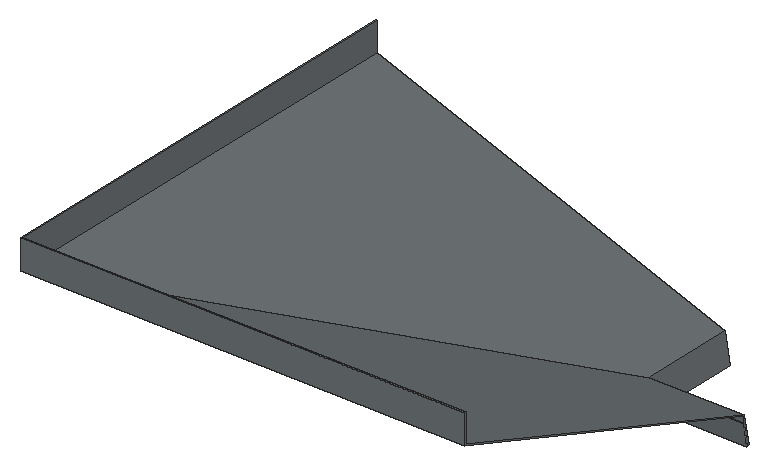
Revit family "BIMLIB_УголОтливаВнутренний_GRANDLINE", category Обобщенные модели, Revit 2017
Family settings
  Может служить основой для арматурных стержней = Нет
  Размер круглого соединителя = Использовать диаметр
  Тип детали = Нормальный
  На основе рабочей плоскости = Да
  Всегда вертикально = Нет
  При загрузке вырезать с полостями = Нет
  Общий = Нет
  Точка расчета площади = Нет
Parameters (values of type "250мм")
  Поворот_Длина = 300 mm
  Default Elevation = 0 mm
  Описание = ADSK_Наименование  # "Угол отлива внутренний 250"
  Изготовитель = "Grand Line"  # constant formula
  Watermark [instance] = "Модели защищены уникальным кодом"
  URL = "https://www.grandline.ru"
  BL_Разработано = "support@bimlib.pro"
  BL_Email = "info@grandline.ru"
  BL_BIM library = "https://bimlib.pro/manufacturer/company/22430"
  ADSK_Размер_Глубина = 250 mm
  ADSK_Обозначение = "ГОСТ 19904-90, ГОСТ 14918-80"
  ADSK_Наименование = "Угол отлива внутренний 250"
  ADSK_Материал тип подсчета = 0  # constant formula
  ADSK_Материал = GL_Drap_RAL7016
  ADSK_Масса_Текст = ""
  ADSK_Масса = 0
  ADSK_Марка = ""
  ADSK_Количество [instance] = 1  # constant formula
  ADSK_Код изделия = ""
  ADSK_Завод-изготовитель = "Grand Line"  # constant formula
  ADSK_Единица измерения = "шт"  # constant formula
  ADSK_Группирование = "Доборные элементы"  # constant formula
  ADSK_Версия Revit = "2017"  # constant formula
  ADSK_URL страницы изделия = "https://www.grandline.ru/katalog/fasad/dobornye-elementy-fasada/ugol-otliva/ugol-otliva-250/ugol-otliva-250-vnutrennij/"
  ADSK_URL документации изделия = "https://www.grandline.ru/uploads/files/chertezhi_vse/dobornye_elementy/de_saiyding_fasad/Otliv_prostoiy_250.jpg"
Types (5, lengths in mm): name | Поворот_Длина | Описание | ADSK_Размер_Глубина | ADSK_Наименование | ADSK_URL страницы изделия | ADSK_URL документации изделия
  50мм | 100 | "Угол отлива внутренний 50" | 50 | "Угол отлива внутренний 50" | "https://www.grandline.ru/katalog/fasad/dobornye-elementy-fasada/ugol-otliva/ugol-otliva-50/ugol-otliva-50-vnutrennij/" | "https://www.grandline.ru/uploads/files/chertezhi_vse/dobornye_elementy/de_saiyding_fasad/Otliv_prostoiy_50.jpg"
  100мм | 150 | "Угол отлива внутренний 100" | 100 | "Угол отлива внутренний 100" | "https://www.grandline.ru/katalog/fasad/dobornye-elementy-fasada/ugol-otliva/ugol-otliva-100/ugol-otliva-100-vnutrennij/" | "https://www.grandline.ru/uploads/files/chertezhi_vse/dobornye_elementy/de_saiyding_fasad/Otliv_prostoiy_100.jpg"
  150мм | 200 | "Угол отлива внутренний 150" | 150 | "Угол отлива внутренний 150" | "https://www.grandline.ru/katalog/fasad/dobornye-elementy-fasada/ugol-otliva/ugol-otliva-150/ugol-otliva-150-vnutrennij/" | "https://www.grandline.ru/uploads/files/chertezhi_vse/dobornye_elementy/de_saiyding_fasad/Otliv_prostoiy_150.jpg"
  200мм | 250 | "Угол отлива внутренний 200" | 200 | "Угол отлива внутренний 200" | "https://www.grandline.ru/katalog/fasad/dobornye-elementy-fasada/ugol-otliva/ugol-otliva-200/ugol-otliva-200-vnutrennij/" | "https://www.grandline.ru/uploads/files/chertezhi_vse/dobornye_elementy/de_saiyding_fasad/Otliv_prostoiy_200.jpg"
  250мм | 300 | "Угол отлива внутренний 250" | 250 | "Угол отлива внутренний 250" | "https://www.grandline.ru/katalog/fasad/dobornye-elementy-fasada/ugol-otliva/ugol-otliva-250/ugol-otliva-250-vnutrennij/" | "https://www.grandline.ru/uploads/files/chertezhi_vse/dobornye_elementy/de_saiyding_fasad/Otliv_prostoiy_250.jpg"
Reference planes
  plane 1 "По центру (Вперед/Назад)": y = 0
  plane 2: z = 0
  plane 3 "По центру (Влево/Вправо)": x = 0
  plane 4: y = 300
  plane 5: x = 300
Forms (mm)
  Sweep 1, solid, material "GL_Drap_RAL7016" <- "ADSK_Материал"
    path origin (0, 0, 0) x (1, 0, 0) y (0, 1, 0)
      loop
        line (300, 0) -> (0, 0) -> (0, 300)
    profile "Профиль_ОтливПростой : Профиль" origin (150, 0, 0) x (0, -1, 0) y (0, 0, 1)
      loop
        line (0, 85.505) -> (0, 105.505) -> (-0.8, 105.505) -> (-0.8, 86.065) -> (-235.723, 0.56) -> (-239.196, -19.136) -> (-237.62, -19.414) -> (-235.016, -4.642) -> (-235.804, -4.503) -> (-235.016, -0.034) -> (0, 85.505)
Dimensions and locks
  "Поворот_Длина": plane 3 "По центру (Влево/Вправо)" to plane 5
  "Поворот_Длина": plane 4 to plane 1 "По центру (Вперед/Назад)"
  aligned and locked: level to plane 2
  aligned and locked: Sweep 1 sketch curve to plane 3 "По центру (Влево/Вправо)"
  aligned and locked: Sweep 1 sketch curve to plane 1 "По центру (Вперед/Назад)"
  aligned and locked: plane 4 to Sweep 1 sketch curve
  aligned and locked: plane 5 to Sweep 1 sketch curve
